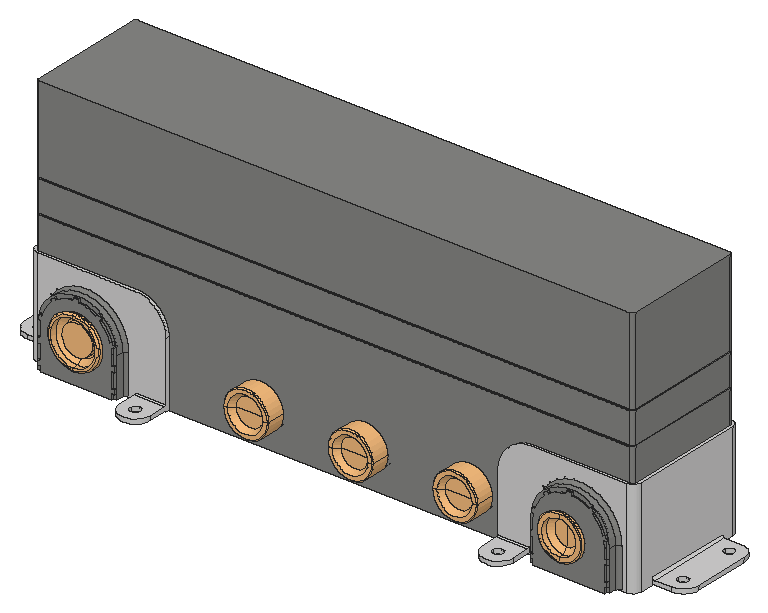
Revit family "Valve-Four_Outlet_Thermostatic-KOHLER-K-26342IN_1", category Plumbing Fixtures, host Face, Revit 2017 (continued)
Definition of nested family "K-26342IN"
  Lines and regions (in)
    symbolic lines, detail levels medium+fine
      curve 221: line (0, -1.85039, 0.74803) -> (0, -1.8897, 0.74803)
      curve 222: line (0, -1.85039, 0.62992) -> (0, -1.8897, 0.62992)
      curve 223: line (0, -1.85039, 0.25591) -> (0, -1.8897, 0.25591)
      curve 224: line (0, -1.85039, 0.1378) -> (0, -1.8897, 0.1378)
      curve 225: line (0, 1.92876, 1.64407) -> (0, 1.92876, 0.31459)
      curve 226: line (0, -1.8897, 0.33465) -> (0, -1.8897, 1.62388)
      curve 227: line (0, -1.94882, 0.33465) -> (0, -1.94882, 1.62388)
      curve 228: line (0, -1.79224, 0.01953) -> (0, -2.44056, 0.01953)
      curve 229: line (0, 2.44188, 0.01953) -> (0, 1.7961, 0.01953)
      curve 230: line (-7.23476, 0, 2.38189) -> (-7.23476, 0, 6.10236)
      curve 231: line (7.23528, 0, 2.38189) -> (7.23528, 0, 6.10236)
      curve 232: arc (-1.81655, 0, 1.02987) -> (-1.96647, 0, 0.87995) -> (-1.81655, 0, 0.73004) r 0.14992
      curve 233: arc (-1.81655, 0, 0.73004) -> (-1.66664, 0, 0.87995) -> (-1.81655, 0, 1.02987) r 0.14992
      curve 234: arc (0.7424, 0, 1.02987) -> (0.59248, 0, 0.87995) -> (0.7424, 0, 0.73004) r 0.14992
      curve 235: arc (0.7424, 0, 0.73004) -> (0.89232, 0, 0.87995) -> (0.7424, 0, 1.02987) r 0.14992
      curve 236: arc (3.3062, 0, 1.02987) -> (3.15628, 0, 0.87995) -> (3.3062, 0, 0.73004) r 0.14992
      curve 237: arc (3.3062, 0, 0.73004) -> (3.45611, 0, 0.87995) -> (3.3062, 0, 1.02987) r 0.14992
      curve 238: arc (-6.0332, 0, 1.13417) -> (-6.18312, 0, 0.98425) -> (-6.0332, 0, 0.83434) r 0.14992
      curve 239: arc (-6.0332, 0, 0.83434) -> (-5.88329, 0, 0.98425) -> (-6.0332, 0, 1.13417) r 0.14992
      curve 240: line (0, -1.51575, 2.38189) -> (0, 1.51575, 2.38189)
      curve 241: line (0, -0.04594, 5.70866) -> (0, -0.04594, 2.38189)
      curve 242: line (0, 1.51575, 5.70866) -> (0, -1.51575, 5.70866)
      curve 243: circle (5.84649, 0, 0.87995) r 0.13634 normal (0, -1, 0)
    reference lines
      curve 244: line (-1.81655, 1.5155, 0.87995) -> (-1.81655, 5.7655, 0.87995)
      curve 245: line (5.84649, 1.5155, 0.87995) -> (5.84649, 5.7655, 0.87995)
      curve 246: line (3.3062, 1.5155, 0.87995) -> (3.3062, 5.7655, 0.87995)
      curve 247: line (0.7424, 1.5155, 0.87995) -> (0.7424, 5.7655, 0.87995)
    symbolic lines, detail levels coarse
      curve 248: line (-1.08268, 0, 4.88116) -> (1.08268, 0, 3.70005)
      curve 249: line (1.08268, 0, 4.88116) -> (-1.08268, 0, 3.70005)
      curve 250: line (-1.08268, 0, 3.70005) -> (-1.08268, 0, 4.88116)
      curve 251: line (0, 0, 4.2906) -> (0, 0, 3.22489)
      curve 252: line (1.08268, 0, 4.88116) -> (1.08268, 0, 3.70005)
      curve 253: line (-1.09986, 0, 3.22489) -> (1.0655, 0, 3.22489)
      curve 254: arc (-1.09986, 0, 3.22489) -> (-0.01718, 0, 2.46031) -> (1.0655, 0, 3.22489) r 1.14885
  Dimensions and locks (in)
    plane 6 to plane 4 = 4.88113"
    plane 36 to level = 6.10236"  (x2)
    plane 4 to plane 6 = 4.88113"
    plane 63 to plane 64 = 15.76792"
    plane 5 to plane 7 = 3.0315"
    "Connector 1 Dis": plane 7 to plane 68 "B"
    "Connector 2 Dis": plane 7 to plane 69 "C"
    "Connector 4 Dis": plane 7 to plane 71 "E"
    "Connector 3 Dis": plane 7 to plane 70 "D"
    "Connector 4 Angle": angle plane 48 to curve 245
    "Connector 3 Angle": angle plane 49 to curve 246
    "Connector 2 Angle": angle plane 50 to curve 247
    "Connector 1 Angle": angle curve 244 to plane 47
    aligned and locked: plane 2 to level
    aligned and locked: plane 68 "B" to curve 244
    aligned and locked: plane 71 "E" to curve 245
    aligned and locked: plane 70 "D" to curve 246
    aligned and locked: plane 69 "C" to curve 247
    aligned and locked: curve 245 to Revolve 34 sketch curve
    aligned and locked: Revolve 34 sketch curve to Revolve 34 sketch curve
    aligned and locked: curve 246 to Revolve 35 sketch curve
    aligned and locked: Revolve 35 sketch curve to Revolve 35 sketch curve
    aligned and locked: curve 247 to Revolve 36 sketch curve
    aligned and locked: Revolve 36 sketch curve to Revolve 36 sketch curve
    aligned and locked: curve 244 to Revolve 37 sketch curve
    aligned and locked: Revolve 37 sketch curve to Revolve 37 sketch curve
  Automatic sketch dimensions
    curve 228 to plane 6 = 0"
    curve 191 to plane 39 = 0"
    curve 191 to plane 65 = 0"
    curve 195 to plane 9 = 0"
    curve 242 to plane 7 = 0"
    curve 240 to plane 7 = 0"
    plane 38 to curve 180 = 0"
    curve 180 to plane 36 = 0"
    curve 190 to plane 55 = 0"
    plane 67 to curve 201 = 0"
    curve 188 to plane 58 = 0"
    plane 37 to curve 241 = 0"
    curve 241 to plane 56 = 0"
    curve 186 to plane 57 = 0"
    curve 174 to plane 53 = 0"
    curve 173 to plane 36 = 0"
    curve 173 to plane 52 = 0"
    curve 242 to plane 5 = 0"
    curve 240 to plane 5 = 0"
    curve 179 to plane 8 = 0"
    curve 175 to plane 39 = 0"
    curve 175 to plane 61 = 0"
    curve 177 to level = 0"
    curve 193 to level = 0"
    level to curve 196 = 0.01969"
    curve 200 to plane 39 = 0.04131"
    curve 200 to plane 55 = 0.15925"
    curve 184 to curve 186 = 0.05906"
    level to curve 181 = 0.01969"
    curve 183 to curve 181 = 0.05729"
    curve 182 to plane 39 = 0.04045"
    level to curve 199 = 5/256"
    plane 39 to curve 224 = 0.01951"
    curve 217 to curve 226 = 0"
    curve 228 to curve 196 = 0"
    curve 180 to plane 54 = 0.00017"
    plane 39 to curve 189 = 0.00005"
    curve 189 to plane 59 = 0.02051"
    curve 181 to curve 229 = 0.00386"
    plane 4 to curve 229 = 0.00132"
    level to curve 228 = 5/256"
    level to curve 229 = 5/256"
    plane 39 to curve 213 = 0.01951"
    curve 223 to plane 67 = 0.03876"
    curve 212 to plane 67 = 0.03876"
    curve 212 to curve 225 = 0.05868"
    curve 223 to curve 227 = 0.07874"
    curve 227 to curve 226 = 0"  (x2)
    curve 222 to curve 221 = 0.11811"
    curve 211 to curve 210 = 0.11811"
    curve 209 to curve 208 = 0.0143"
    curve 220 to curve 219 = 0.0143"
    curve 219 to curve 218 = 0.11461"
    curve 208 to curve 207 = 0.11461"
    curve 218 to curve 226 = 0.35658"
    curve 226 to curve 217 = 0.01272"
    curve 207 to curve 206 = 0.36931"
    curve 206 to curve 225 = 0.00746"
    curve 225 to curve 205 = 0.03921"
    curve 217 to curve 216 = 0.04668"
    curve 216 to curve 215 = 0.07273"
    curve 205 to curve 204 = 0.07273"
    curve 204 to curve 203 = 0.10223"
    curve 215 to curve 214 = 0.10223"
    curve 214 to curve 192 = 0.05929"
    curve 203 to curve 176 = 0.05929"
    curve 176 to curve 178 = 0.03927"
    curve 192 to curve 194 = 0.03927"
    curve 178 to curve 177 = 0.1001"
    curve 194 to curve 193 = 0.1001"
    Extrusion 1 sketch curve to plane 12 = 0"
    plane 7 to Extrusion 1 sketch curve = 0"
    plane 52 to Extrusion 1 sketch curve = 0"
    Extrusion 1 sketch curve to plane 5 = 0"
    Extrusion 1 sketch curve to plane 54 = 0.00034"
    Extrusion 1 sketch curve to plane 54 = 0.00017"
    Extrusion 1 sketch curve to plane 46 = 0.01955"
    Extrusion 1 sketch curve to plane 52 = 0.00091"
    Extrusion 2 sketch curve to plane 11 = 0"
    Extrusion 2 sketch curve to plane 9 = 0"  (x2)
    Extrusion 2 sketch curve to plane 41 = 0"
    plane 8 to Extrusion 2 sketch curve = 0"  (x2)
    Extrusion 2 sketch curve to plane 46 = 0"
    Extrusion 2 sketch curve to plane 34 = 0"
    Extrusion 2 sketch curve to plane 53 = 0.00054"
    Extrusion 2 sketch curve to plane 18 = 0.67358"
    plane 24 to Extrusion 2 sketch curve = 0.02185"
    plane 46 to Extrusion 2 sketch curve = 0.00094"
    Extrusion 3 sketch curve to plane 38 = 0"  (x2)
    plane 18 to Extrusion 3 sketch curve = 0"
    Extrusion 3 sketch curve to plane 17 = 0.03718"
    Extrusion 3 sketch curve to plane 63 = 0.06898"
    Extrusion 3 sketch curve to level = 0.30561"
    Extrusion 3 sketch curve to plane 19 = 0.69257"
    plane 49 to Extrusion 3 sketch curve = 0.01689"
    Extrusion 3 sketch curve to plane 25 = 0.00005"
    Extrusion 3 sketch curve to plane 26 = 0.03879"
    Extrusion 3 sketch curve to plane 64 = 0.03215"
    Extrusion 3 sketch curve to level = 0.71748"
    Extrusion 4 sketch curve to Extrusion 4 sketch curve = 0"  (x8)
    Extrusion 4 sketch curve to plane 10 = 0"
    Extrusion 4 sketch curve to plane 59 = 0"  (x2)
    Extrusion 4 sketch curve to plane 63 = 0"  (x2)
    plane 57 to Extrusion 4 sketch curve = 0"  (x2)
    Extrusion 4 sketch curve to plane 58 = 0"  (x2)
    Extrusion 4 sketch curve to plane 11 = 0"
    plane 8 to Extrusion 4 sketch curve = 0"  (x2)
    Extrusion 4 sketch curve to plane 17 = 0"  (x2)
    plane 61 to Extrusion 4 sketch curve = 0"  (x2)
    Extrusion 4 sketch curve to plane 62 = 0"  (x2)
    Extrusion 4 sketch curve to plane 25 = 0"  (x2)
    Extrusion 4 sketch curve to plane 9 = 0"  (x2)
    Extrusion 4 sketch curve to plane 66 = 0"  (x2)
    Extrusion 4 sketch curve to plane 34 = 0"
    Extrusion 4 sketch curve to plane 64 = 0"  (x2)
    Extrusion 4 sketch curve to plane 33 = 0"
    Extrusion 4 sketch curve to plane 63 = 0.00076"
    Extrusion 4 sketch curve to plane 63 = 0.00082"
    Extrusion 4 sketch curve to plane 64 = 0.00082"
    Extrusion 4 sketch curve to plane 64 = 0.00076"
    plane 65 to Extrusion 4 sketch curve = 0.00132"  (x2)
    plane 60 to Extrusion 4 sketch curve = 0.00006"  (x2)
    Sweep 5 sketch curve to plane 13 = 0"
    plane 51 to Sweep 5 sketch curve = 0.00028"
    level to Sweep 5 sketch curve = 0.01969"  (x2)
    Sweep 5 sketch curve to profile plane = 0"  (x2)
    Sweep 5 sketch curve to plane 1 "Center (Front/Back)" = 1.85039"
    Sweep 5 sketch curve to Sweep 5 sketch curve = 0.15748"  (x2)
    Sweep 5 sketch curve to Sweep 5 sketch curve = 0.26176"
    Sweep 5 sketch curve to profile plane = 0.31023"  (x2)
    plane 1 "Center (Front/Back)" to Sweep 5 sketch curve = 1.58863"
    Sweep 5 sketch curve to Sweep 5 sketch curve = 0.10428"
    profile plane to Sweep 5 sketch curve = 0.07652"  (x2)
    plane 32 to Sweep 6 sketch curve = 0"
    Sweep 6 sketch curve to plane 48 = 0.187"
    Sweep 6 sketch curve to level = 0.01969"  (x2)
    Sweep 6 sketch curve to profile plane = 0"  (x2)
    Sweep 6 sketch curve to plane 1 "Center (Front/Back)" = 1.85039"
    Sweep 6 sketch curve to Sweep 6 sketch curve = 0.15748"  (x2)
    Sweep 6 sketch curve to Sweep 6 sketch curve = 0.10428"  (x2)
    profile plane to Sweep 6 sketch curve = 0.31023"  (x2)
    plane 1 "Center (Front/Back)" to Sweep 6 sketch curve = 1.58863"
    Sweep 6 sketch curve to profile plane = 0.10072"  (x2)
    Extrusion 7 sketch curve to Extrusion 7 sketch curve = 0"  (x88)
    plane 14 to Extrusion 7 sketch curve = 0"  (x2)
    Extrusion 7 sketch curve to level = 0"  (x2)
    Extrusion 7 sketch curve to plane 14 = 0.01535"
    Extrusion 7 sketch curve to plane 14 = 0.0439"
    plane 39 to Extrusion 7 sketch curve = 0.01951"  (x4)
    Extrusion 7 sketch curve to Extrusion 7 sketch curve = 0.05906"  (x6)
    Extrusion 7 sketch curve to Extrusion 7 sketch curve = 0.05737"  (x2)
    Extrusion 7 sketch curve to Extrusion 7 sketch curve = 0.05739"  (x2)
    Extrusion 7 sketch curve to plane 14 = 0.31395"
    Extrusion 7 sketch curve to Extrusion 7 sketch curve = 0.03647"  (x4)
    Extrusion 7 sketch curve to Extrusion 7 sketch curve = 0.09306"  (x2)
    Extrusion 7 sketch curve to Extrusion 7 sketch curve = 0.03648"  (x4)
    plane 51 to Extrusion 7 sketch curve = 0.05934"
    plane 51 to Extrusion 7 sketch curve = 0.00028"
    Extrusion 7 sketch curve to plane 51 = 0.05877"
    Extrusion 7 sketch curve to plane 16 = 0.44406"
    Extrusion 7 sketch curve to Extrusion 7 sketch curve = 0.09307"  (x2)
    Extrusion 7 sketch curve to plane 16 = 0.10187"
    Extrusion 7 sketch curve to plane 16 = 0.07329"
    Extrusion 7 sketch curve to plane 16 = 0.05963"  (x3)
    Extrusion 7 sketch curve to plane 16 = 0.04447"
    Extrusion 7 sketch curve to plane 16 = 0.01592"
    Extrusion 7 sketch curve to plane 16 = 0.00057"  (x2)
    Extrusion 7 sketch curve to plane 28 = 0.00036"  (x2)
    Extrusion 7 sketch curve to plane 28 = 0.01572"
    Extrusion 7 sketch curve to plane 28 = 0.04427"
    plane 29 to Extrusion 7 sketch curve = 0.1079"
    plane 48 to Extrusion 7 sketch curve = 0.12774"
    plane 48 to Extrusion 7 sketch curve = 0.18679"
    Extrusion 7 sketch curve to Extrusion 7 sketch curve = 0.11811"  (x5)
    Extrusion 7 sketch curve to plane 30 = 0.11797"
    Extrusion 7 sketch curve to plane 31 = 0.10151"
    Extrusion 7 sketch curve to plane 31 = 0.07293"
    Extrusion 7 sketch curve to plane 31 = 0.05926"  (x3)
    Extrusion 7 sketch curve to plane 31 = 0.04411"
    Extrusion 7 sketch curve to plane 31 = 0.01556"
    Extrusion 7 sketch curve to plane 31 = 0.00021"  (x2)
    Extrusion 7 sketch curve to plane 67 = 0.03876"  (x4)
    Extrusion 7 sketch curve to Extrusion 7 sketch curve = 0.0002"  (x2)
    Extrusion 7 sketch curve to Extrusion 7 sketch curve = 0.0143"  (x4)
    Extrusion 7 sketch curve to Extrusion 7 sketch curve = 0.01431"  (x4)
    Extrusion 7 sketch curve to Extrusion 7 sketch curve = 0.04668"  (x4)
    Extrusion 7 sketch curve to Extrusion 7 sketch curve = 0.04669"  (x4)
    Extrusion 7 sketch curve to Extrusion 7 sketch curve = 0.05929"  (x2)
    Revolve 8 sketch curve to Revolve 8 sketch curve = 0.12098"  (x4)
    Revolve 8 sketch curve to Revolve 8 sketch curve = 0.05692"  (x2)
    Revolve 8 sketch curve to Revolve 8 sketch curve = 0.03924"  (x3)
    Revolve 8 sketch curve to plane 1 "Center (Front/Back)" = 0.1745"
    Revolve 8 sketch curve to plane 59 = 0.0343"
    Revolve 9 sketch curve to Revolve 9 sketch curve = 0.11775"  (x4)
    Revolve 9 sketch curve to Revolve 9 sketch curve = 0.10695"  (x2)
    Revolve 9 sketch curve to Revolve 9 sketch curve = 0.02431"
    Revolve 9 sketch curve to plane 56 = 0.3266"
    Revolve 9 sketch curve to plane 1 "Center (Front/Back)" = 0.12747"
    Revolve 10 sketch curve to plane 23 = 0"
    plane 23 to Revolve 10 sketch curve = 0.01967"  (x2)
    Revolve 10 sketch curve to Revolve 10 sketch curve = 0.09843"  (x2)
    Revolve 10 sketch curve to Revolve 10 sketch curve = 0.09154"  (x2)
    plane 49 to Revolve 10 sketch curve = 0.00898"  (x2)
    Revolve 10 sketch curve to plane 56 = 0.17257"
    Revolve 10 sketch curve to plane 1 "Center (Front/Back)" = 0.15748"
    Revolve 11 sketch curve to plane 50 = 0.00349"  (x2)
    plane 21 to Revolve 11 sketch curve = 0.21045"  (x2)
    plane 21 to Revolve 11 sketch curve = 0.11891"  (x2)
    plane 21 to Revolve 11 sketch curve = 0.02049"  (x2)
    plane 21 to Revolve 11 sketch curve = 0.0008"
    Revolve 11 sketch curve to plane 1 "Center (Front/Back)" = 0.12937"
    Revolve 11 sketch curve to plane 56 = 0.20068"
    plane 19 to Revolve 12 sketch curve = 0.00022"
    plane 19 to Revolve 12 sketch curve = 0.0199"  (x2)
    Revolve 12 sketch curve to Revolve 12 sketch curve = 0.09843"  (x2)
    Revolve 12 sketch curve to Revolve 12 sketch curve = 0.09154"  (x2)
    plane 47 to Revolve 12 sketch curve = 0.00447"  (x2)
    Revolve 12 sketch curve to plane 56 = 0.17257"
    Revolve 12 sketch curve to plane 1 "Center (Front/Back)" = 0.15748"
    Sweep 13 sketch curve to plane 12 = 0"
    plane 7 to Sweep 13 sketch curve = 0"
    Sweep 13 sketch curve to plane 5 = 0"
    plane 52 to Sweep 13 sketch curve = 0"
    Sweep 13 sketch curve to plane 54 = 0.00034"
    Sweep 13 sketch curve to plane 46 = 0.01955"
    Sweep 13 sketch curve to plane 46 = 0.02029"
    Sweep 13 sketch curve to plane 35 = 0.00005"
    profile plane to Sweep 13 sketch curve = 0.03333"
    profile plane to Sweep 13 sketch curve = 0.03033"
    Sweep 13 sketch curve to profile plane = 0.01969"  (x2)
    level to Sweep 13 sketch curve = 3.16929"
    Sweep 13 sketch curve to Sweep 13 sketch curve = 0.03937"  (x2)
    Sweep 13 sketch curve to Sweep 13 sketch curve = 0.74803"
    plane 51 to Extrusion 14 sketch curve = 0"
    plane 48 to Extrusion 15 sketch curve = 0.00898"
    plane 51 to Extrusion 16 sketch curve = 0"
    plane 48 to Extrusion 17 sketch curve = 0.00898"
    Masking region 1 sketch curve to plane 41 = 0"  (x2)
    Masking region 1 sketch curve to plane 9 = 0"
    Masking region 1 sketch curve to plane 46 = 0"  (x2)
    Masking region 1 sketch curve to plane 34 = 0"
    Masking region 2 sketch curve to level = 0"
    Masking region 2 sketch curve to plane 10 = 0"
    Masking region 2 sketch curve to plane 11 = 0"
    Masking region 2 sketch curve to plane 36 = 0"
    plane 34 to Masking region 2 sketch curve = 0"
    plane 33 to Masking region 2 sketch curve = 0"
    Masking region 2 sketch curve to plane 38 = 0"  (x2)
    plane 67 to Masking region 2 sketch curve = 0.0025"
    Masking region 2 sketch curve to Masking region 2 sketch curve = 0.09654"
    Masking region 2 sketch curve to plane 35 = 0.00014"
    plane 67 to Masking region 2 sketch curve = 0.00104"
    Masking region 2 sketch curve to plane 34 = 0.09784"
    Masking region 3 sketch curve to plane 6 = 0"
    Masking region 3 sketch curve to plane 9 = 0"
    Masking region 3 sketch curve to plane 7 = 0"
    Masking region 3 sketch curve to level = 0"
    Masking region 3 sketch curve to plane 8 = 0"
    Masking region 3 sketch curve to plane 36 = 0"
    plane 1 "Center (Front/Back)" to Masking region 3 sketch curve = 0.00047"
    plane 4 to Masking region 3 sketch curve = 0.00134"
    Masking region 3 sketch curve to plane 39 = 0.00002"  (x2)
    Masking region 3 sketch curve to plane 67 = 0.0978"
    Masking region 3 sketch curve to plane 67 = 0.1175"
    Masking region 3 sketch curve to Masking region 3 sketch curve = 0.05906"
    Masking region 3 sketch curve to Masking region 3 sketch curve = 0.03937"  (x2)
    Masking region 3 sketch curve to Masking region 3 sketch curve = 0.03924"  (x2)
    Masking region 3 sketch curve to Masking region 3 sketch curve = 0.05943"
    Masking region 3 sketch curve to Masking region 3 sketch curve = 0.29551"
    Masking region 3 sketch curve to Masking region 3 sketch curve = 0.27532"
    Masking region 3 sketch curve to Masking region 3 sketch curve = 0.03946"  (x2)
    Extrusion 18 sketch curve to plane 39 = 0.0075"
    Extrusion 18 sketch curve to plane 11 = 0.09145"
    plane 11 to Extrusion 18 sketch curve = 0.00742"
    plane 67 to Extrusion 18 sketch curve = 0.01438"
    plane 39 to Extrusion 19 sketch curve = 0.0075"
    plane 34 to Extrusion 19 sketch curve = 0.09145"
    Extrusion 19 sketch curve to plane 34 = 0.00742"
    Extrusion 19 sketch curve to plane 67 = 0.01438"
    plane 8 to Extrusion 20 sketch curve = 0.01095"
    Extrusion 20 sketch curve to plane 39 = 0.00731"
    plane 67 to Extrusion 20 sketch curve = 0.02684"
    plane 8 to Extrusion 21 sketch curve = 0.01095"
    Extrusion 21 sketch curve to plane 39 = 0.00731"
    plane 67 to Extrusion 21 sketch curve = 0.02684"
    Extrusion 22 sketch curve to plane 9 = 0.01095"
    plane 39 to Extrusion 22 sketch curve = 0.00731"
    Extrusion 22 sketch curve to plane 67 = 0.02684"
    plane 9 to Extrusion 23 sketch curve = 0.01095"
    Extrusion 23 sketch curve to plane 39 = 0.00731"
    plane 67 to Extrusion 23 sketch curve = 0.02684"
    Extrusion 25 sketch curve to level = 0"
    plane 11 to Extrusion 25 sketch curve = 0.03593"
    plane 35 to Extrusion 25 sketch curve = 0.0312"
    plane 36 to Extrusion 25 sketch curve = 1/8"
    Extrusion 26 sketch curve to level = 0"
    plane 18 to Extrusion 26 sketch curve = 0"
    Extrusion 26 sketch curve to plane 11 = 1/8"
    Extrusion 26 sketch curve to plane 38 = 1/16"
    Extrusion 27 sketch curve to level = 0"
    Extrusion 27 sketch curve to plane 25 = 0"
    plane 34 to Extrusion 27 sketch curve = 1/8"
    plane 38 to Extrusion 27 sketch curve = 1/16"
    Extrusion 28 sketch curve to level = 0"
    plane 40 to Extrusion 28 sketch curve = 0.01978"
    plane 51 to Extrusion 28 sketch curve = 0.00028"
    Extrusion 29 sketch curve to level = 0"
    plane 45 to Extrusion 29 sketch curve = 0.02186"
    Extrusion 29 sketch curve to plane 48 = 0.187"
    plane 51 to Extrusion 30 sketch curve = 0"
    plane 47 to Extrusion 31 sketch curve = 0.00312"
    Extrusion 31 sketch curve to plane 50 = 0.00215"
    plane 49 to Extrusion 31 sketch curve = 0.00763"
    plane 48 to Extrusion 32 sketch curve = 0.00898"
    Extrusion 33 sketch curve to plane 58 = 0"  (x2)
    Extrusion 33 sketch curve to plane 11 = 0"  (x2)
    plane 8 to Extrusion 33 sketch curve = 0"  (x2)
    Extrusion 33 sketch curve to plane 17 = 0"  (x2)
    plane 61 to Extrusion 33 sketch curve = 0"  (x2)
    Extrusion 33 sketch curve to plane 62 = 0"
    Extrusion 33 sketch curve to plane 25 = 0"
    Extrusion 33 sketch curve to plane 66 = 0"  (x2)
    Extrusion 33 sketch curve to plane 34 = 0"  (x2)
    Extrusion 33 sketch curve to plane 9 = 0"  (x2)
    plane 65 to Extrusion 33 sketch curve = 0.00132"  (x2)
    curve 1 to plane 11 = 0"
    curve 2 to plane 12 = 0"
    plane 7 to curve 14 = 0"
    plane 52 to curve 3 = 0"
    curve 13 to plane 54 = 0"
    plane 8 to curve 4 = 0"
    curve 18 to plane 9 = 0"
    curve 18 to plane 17 = 0"
    plane 8 to curve 12 = 0"
    curve 12 to plane 17 = 0"
    curve 5 to plane 18 = 4.06379"
    curve 12 to plane 18 = 0"
    curve 14 to plane 18 = 11.30027"
    curve 18 to plane 18 = 0"
    curve 16 to plane 9 = 0"
    plane 8 to curve 9 = 0"
    curve 6 to plane 5 = 0"
    curve 16 to plane 26 = 0"
    curve 9 to plane 26 = 0"
    plane 8 to curve 10 = 0"
    curve 17 to plane 9 = 0"
    curve 11 to plane 34 = 0"
    curve 11 to plane 58 = 0"
    curve 1 to plane 58 = 0"
    plane 57 to curve 11 = 0"
    plane 57 to curve 1 = 0"
    curve 6 to plane 46 = 0.02029"
    curve 8 to plane 35 = 0.00005"
    plane 40 to curve 4 = 0.04169"
    curve 4 to plane 42 = 0.00057"
    curve 16 to plane 25 = 0.00005"
    curve 9 to plane 25 = 0.00005"
    curve 10 to plane 44 = 0.03616"
    curve 17 to plane 44 = 0.03616"
    curve 10 to plane 45 = 0.03664"
    curve 17 to plane 45 = 0.03664"
    curve 245 to Revolve 34 sketch curve = 0.00004"
    Revolve 34 sketch curve to Revolve 34 sketch curve = 0.33485"
    curve 245 to Revolve 34 sketch curve = 1/4"
    Revolve 34 sketch curve to Revolve 34 sketch curve = 0.06049"
    Revolve 34 sketch curve to Revolve 34 sketch curve = 0.09843"
    Revolve 35 sketch curve to Revolve 35 sketch curve = 0.42376"
    Revolve 35 sketch curve to Revolve 35 sketch curve = 0.026"
    Revolve 35 sketch curve to Revolve 35 sketch curve = 0.07232"
    curve 246 to Revolve 35 sketch curve = 0.00113"
    curve 246 to Revolve 35 sketch curve = 1/4"
    curve 247 to Revolve 36 sketch curve = 0.0011"
    Revolve 36 sketch curve to Revolve 36 sketch curve = 0.42379"
    curve 247 to Revolve 36 sketch curve = 1/4"
    Revolve 36 sketch curve to Revolve 36 sketch curve = 0.05131"
    Revolve 36 sketch curve to Revolve 36 sketch curve = 0.02811"
    curve 244 to Revolve 37 sketch curve = 0.00116"
    Revolve 37 sketch curve to Revolve 37 sketch curve = 0.42374"
    Revolve 37 sketch curve to Revolve 37 sketch curve = 1/4"
    Revolve 37 sketch curve to Revolve 37 sketch curve = 0.05131"
    Revolve 37 sketch curve to Revolve 37 sketch curve = 0.05188"
    Revolve 37 sketch curve to curve 244 = 0"
    plane 51 to Extrusion 24 sketch curve = 0"
    curve 225 to curve 211 = 0.31533"
    curve 226 to curve 222 = 0.29528"
    plane 72 to curve 179 = 0.1043"
    plane 72 to curve 195 = 0.1043"
    curve 179 to curve 209 = 0.15414"
    curve 195 to curve 220 = 0.15414"
    plane 72 to Sweep 5 sketch curve = 0.10449"
    Sweep 6 sketch curve to plane 72 = 0.10449"
    Extrusion 7 sketch curve to plane 72 = 0.25003"  (x4)
    plane 72 to Extrusion 7 sketch curve = 0.1043"  (x2)
    plane 72 to Revolve 8 sketch curve = 0.1043"  (x2)
    Revolve 8 sketch curve to Revolve 8 sketch curve = 0.4225"  (x2)
    plane 72 to Revolve 9 sketch curve = 0.00587"  (x2)
    Revolve 9 sketch curve to Revolve 9 sketch curve = 0.30218"  (x2)
    plane 72 to Extrusion 14 sketch curve = 0.1043"
    plane 72 to Extrusion 15 sketch curve = 0.00587"
    plane 72 to Extrusion 16 sketch curve = 0.1043"
    plane 72 to Extrusion 17 sketch curve = 0.00587"
    plane 72 to Masking region 3 sketch curve = 0.70469"  (x2)
    plane 72 to Extrusion 24 sketch curve = 0.1043"
    plane 72 to Extrusion 28 sketch curve = 0.10867"
    Extrusion 29 sketch curve to plane 72 = 0.10867"
    plane 72 to Extrusion 30 sketch curve = 0.1043"
    plane 72 to Extrusion 31 sketch curve = 0.00579"  (x3)
    plane 72 to Extrusion 32 sketch curve = 0.00587"
    curve 29 to curve 42 = 0"  (x2)
    curve 29 to curve 46 = 0"
    curve 29 to curve 50 = 0"
    curve 29 to curve 54 = 0"
    curve 29 to curve 58 = 0"
    curve 40 to curve 44 = 0"  (x2)
    curve 40 to curve 48 = 0"  (x2)
    curve 40 to curve 52 = 0"  (x2)
    curve 40 to curve 56 = 0"  (x2)
    curve 40 to curve 60 = 0"
    curve 42 to curve 46 = 0"
    curve 42 to curve 50 = 0"
    curve 42 to curve 54 = 0"
    curve 42 to curve 58 = 0"
    curve 52 to curve 60 = 0"
    curve 73 to curve 75 = 0"
    curve 73 to curve 76 = 0"  (x2)
    curve 73 to curve 238 = 0"
    curve 74 to curve 239 = 0"
    curve 75 to curve 239 = 0"
    curve 79 to curve 81 = 0"  (x2)
    curve 79 to curve 83 = 0"
    curve 80 to curve 81 = 0"
    curve 85 to curve 87 = 0"  (x2)
    curve 85 to curve 89 = 0"
    curve 87 to curve 89 = 0"
    curve 91 to curve 93 = 0"  (x2)
    curve 92 to curve 96 = 0"  (x2)
    curve 117 to curve 121 = 0"  (x2)
    curve 120 to curve 123 = 0"  (x2)
    curve 121 to curve 133 = 0"  (x2)
    curve 121 to curve 137 = 0"
    curve 123 to curve 135 = 0"  (x2)
    curve 125 to curve 133 = 0"  (x2)
    curve 125 to curve 137 = 0"
    curve 127 to curve 135 = 0"  (x2)
    curve 129 to curve 133 = 0"  (x2)
    curve 131 to curve 135 = 0"  (x2)
    curve 148 to curve 150 = 0"
    curve 149 to curve 151 = 0"
    curve 149 to curve 152 = 0"  (x2)
    curve 150 to curve 151 = 0"
    curve 151 to curve 152 = 0"
    curve 167 to plane 10 = 0"
    plane 12 to curve 22 = 0"
    plane 12 to curve 19 = 0"
    curve 230 to plane 36 = 0"
    curve 230 to plane 38 = 0"
    curve 20 to plane 41 = 0"
    plane 40 to curve 71 = 0"
    curve 30 to plane 13 = 0"
    plane 14 to curve 37 = 0"
    plane 14 to curve 32 = 0"
    curve 39 to plane 73 = 0"
    curve 31 to level = 0"
    plane 51 to curve 74 = 0"
    curve 69 to level = 0"
    curve 72 to plane 42 = 0"
    plane 43 to curve 163 = 0"
    curve 26 to plane 17 = 0"
    curve 161 to plane 17 = 0"
    plane 18 to curve 24 = 0"
    plane 47 to curve 232 = 0"
    curve 234 to plane 50 = 0"
    plane 49 to curve 236 = 0"
    curve 98 to plane 39 = 0"
    curve 101 to level = 0"
    plane 26 to curve 98 = 0"
    plane 26 to curve 156 = 0"
    curve 102 to plane 38 = 0"
    plane 44 to curve 104 = 0"
    curve 144 to level = 0"
    curve 137 to plane 73 = 0"
    curve 243 to plane 48 = 0"
    curve 108 to level = 0"
    curve 116 to plane 73 = 0"
    plane 32 to curve 107 = 0"
    curve 153 to plane 45 = 0"
    plane 46 to curve 155 = 0"
    curve 231 to plane 36 = 0"
    curve 19 to plane 37 = 0"
    curve 25 to plane 39 = 0"
    curve 243 to plane 72 = 0"
    curve 233 to plane 72 = 0"
    curve 237 to plane 72 = 0"
    curve 235 to plane 72 = 0"
    curve 239 to plane 73 = 0"
    curve 41 to plane 14 = 0.01535"
    curve 43 to plane 14 = 0.0439"
    curve 36 to curve 35 = 0.05906"
    curve 37 to curve 38 = 0.05906"
    plane 39 to curve 31 = 0.01951"
    curve 32 to curve 31 = 0.05906"
    curve 42 to curve 41 = 0.05737"
    curve 42 to curve 43 = 0.05739"
    curve 45 to plane 14 = 0.31395"
    curve 46 to curve 45 = 0.03647"
    curve 45 to curve 47 = 0.09306"
    curve 46 to curve 47 = 0.03648"
    plane 51 to curve 49 = 0.05934"
    plane 51 to curve 40 = 0.00028"
    curve 46 to curve 60 = 0"
    curve 51 to plane 51 = 0.05877"
    curve 53 to plane 16 = 0.44406"
    curve 53 to curve 53 = 0.03648"
    curve 52 to curve 55 = 0.09307"
    curve 55 to curve 55 = 0.03647"
    curve 57 to plane 16 = 0.10187"
    curve 59 to plane 16 = 0.07329"
    plane 39 to curve 69 = 0.01951"
    curve 69 to plane 16 = 0.05963"
    curve 65 to plane 16 = 0.05963"
    curve 62 to plane 16 = 0.05963"
    curve 57 to plane 16 = 0.04447"
    curve 59 to plane 16 = 0.01592"
    curve 63 to plane 16 = 0.00057"
    curve 66 to plane 16 = 0.00057"
    plane 42 to curve 164 = 0.00668"
    curve 22 to plane 17 = 0.03718"
    plane 47 to curve 84 = 0.00447"
    curve 88 to plane 50 = 0.00349"
    plane 49 to curve 94 = 0.00898"
    curve 101 to plane 25 = 0.00005"
    curve 102 to plane 26 = 0.03879"
    plane 67 to curve 159 = 0.00067"
    curve 157 to curve 159 = 0.05903"
    level to curve 97 = 0.01969"
    curve 97 to plane 44 = 0.02813"
    curve 105 to plane 73 = 0.0002"
    plane 27 to curve 105 = 0.00057"
    curve 139 to plane 28 = 0.00036"
    curve 145 to plane 28 = 0.00036"
    curve 136 to plane 28 = 0.01572"
    curve 134 to plane 28 = 0.04428"
    curve 140 to curve 141 = 0.05906"
    plane 39 to curve 144 = 0.01951"
    curve 142 to curve 144 = 0.05906"
    curve 138 to plane 28 = 0.05942"
    curve 136 to curve 136 = 0.05737"
    curve 134 to curve 134 = 0.05739"
    plane 29 to curve 132 = 0.1079"
    curve 132 to curve 132 = 0.03647"
    curve 131 to curve 130 = 0.09317"
    curve 130 to curve 130 = 0.03648"
    plane 48 to curve 147 = 0.00898"
    plane 48 to curve 128 = 0.12774"
    curve 137 to curve 106 = 0.00021"
    curve 123 to curve 137 = 0"
    curve 127 to curve 126 = 0.11827"
    curve 124 to plane 30 = 0.11797"
    curve 125 to curve 124 = 0.03648"
    curve 125 to curve 122 = 0.09317"
    curve 121 to curve 122 = 0.03647"
    curve 119 to plane 31 = 0.10151"
    curve 118 to plane 31 = 0.07292"
    plane 39 to curve 108 = 0.01951"
    curve 108 to plane 31 = 0.05926"
    curve 112 to plane 31 = 0.0591"
    curve 115 to plane 31 = 0.0591"
    curve 119 to plane 31 = 0.04411"
    curve 118 to plane 31 = 0.01556"
    curve 110 to plane 31 = 0.00021"
    curve 114 to plane 31 = 0.00005"
    level to curve 27 = 5/256"
    level to curve 100 = 5/256"
    level to curve 164 = 0.01969"
    plane 67 to curve 163 = 0.00051"
    curve 35 to plane 67 = 0.03876"
    curve 65 to plane 67 = 0.03876"
    curve 142 to plane 67 = 0.03876"
    curve 110 to plane 67 = 0.03876"
    curve 63 to plane 72 = 0.25003"
    curve 114 to plane 72 = 0.25003"
    curve 143 to plane 72 = 0.25003"
    curve 37 to plane 72 = 0.25003"
    curve 35 to curve 39 = 0.11811"
    curve 112 to curve 115 = 0.11811"
    curve 63 to curve 63 = 0.11811"
    curve 141 to curve 138 = 0.11811"
    plane 72 to curve 96 = 0.00579"
    plane 72 to curve 90 = 0.00579"
    plane 72 to curve 84 = 0.00579"
    plane 72 to curve 151 = 0.00587"
    curve 50 to plane 73 = 0.0002"
    curve 137 to curve 127 = 0.0002"
    curve 72 to plane 73 = 0.00318"
    curve 106 to curve 154 = 0.00407"
    curve 118 to plane 73 = 0.1541"
    curve 117 to curve 118 = 0.0143"
    curve 41 to curve 41 = 0.0143"
    curve 137 to curve 136 = 0.0143"
    curve 59 to curve 59 = 0.0143"
    curve 57 to curve 57 = 0.01431"
    curve 43 to curve 42 = 0.01431"
    curve 119 to curve 119 = 0.01431"
    curve 134 to curve 134 = 0.01431"
    curve 121 to curve 122 = 0.04668"
    curve 45 to curve 45 = 0.04668"
    curve 55 to curve 55 = 0.04668"
    curve 133 to curve 132 = 0.04668"
    curve 53 to curve 53 = 0.04669"
    curve 124 to curve 124 = 0.04669"
    curve 47 to curve 46 = 0.04669"
    curve 130 to curve 130 = 0.04669"
    curve 125 to curve 126 = 0.05929"
    curve 51 to curve 51 = 0.05929"
    curve 21 to plane 63 = 0.00008"
    curve 230 to plane 41 = 0.01976"
    curve 167 to curve 31 = 0"
    plane 19 to curve 84 = 0.00022"
    curve 79 to curve 83 = 0.01968"
    curve 80 to curve 81 = 0.09843"
    plane 21 to curve 85 = 0.0008"
    curve 85 to curve 89 = 0.01968"
    curve 86 to curve 88 = 0.09843"
    curve 91 to plane 23 = 0"
    plane 23 to curve 92 = 0.01967"
    curve 95 to curve 93 = 0.09843"
    curve 231 to plane 46 = 0.02029"
    curve 19 to plane 35 = 0.00005"
    curve 103 to plane 35 = 0.00005"
    plane 33 to curve 166 = 0.00336"
    level to curve 153 = 0.01969"
    level to curve 71 = 0.01969"
    level to curve 30 = 0.01969"
    curve 168 to plane 39 = 0.03955"
    curve 169 to plane 39 = 0.03955"
    curve 170 to plane 39 = 0.03955"
    curve 171 to plane 39 = 0.03955"
    curve 21 to plane 39 = 0.00018"
    plane 67 to curve 156 = 0.00061"
    curve 161 to curve 26 = 0.00011"
    curve 151 to plane 67 = 0.1175"
    curve 74 to plane 67 = 0.12747"
    curve 146 to curve 147 = 0.02431"
    curve 73 to curve 78 = 0.03924"
    curve 75 to curve 76 = 0.05692"
    curve 147 to curve 148 = 0.10695"
    curve 235 to plane 72 = 0.14992"
    curve 232 to plane 72 = 0.14992"
    curve 237 to curve 236 = 0.14992"
    curve 239 to plane 72 = 0.04562"
    plane 8 to Masking region 1 sketch curve = 0"
    Masking region 1 sketch curve to plane 11 = 0"
    curve 15 to plane 54 = 0.00066"
    curve 15 to plane 46 = 0.02029"
    Extrusion 3 sketch curve to plane 38 = 1"
    Extrusion 3 sketch curve to Extrusion 3 sketch curve = 1"
    plane 37 to curve 250 = 0.82751"
    plane 33 to curve 250 = 9.34057"
    curve 249 to curve 250 = 1.1811"
    plane 37 to curve 249 = 0.82751"
    curve 248 to curve 249 = 2.16535"
    curve 248 to plane 38 = 1.31816"
    curve 248 to curve 251 = 1.08268"
    curve 251 to plane 38 = 0.843"
    curve 253 to curve 249 = 0.01718"
    curve 253 to curve 248 = 0.01718"
    curve 251 to curve 254 = 0.38428"
    Extrusion 33 sketch curve to Extrusion 33 sketch curve = 0"  (x8)
    Extrusion 33 sketch curve to plane 62 = 0.12509"
    Extrusion 33 sketch curve to plane 63 = 0"  (x2)
    plane 60 to Extrusion 33 sketch curve = 0.00006"  (x2)
    Extrusion 33 sketch curve to Extrusion 33 sketch curve = 0.12529"  (x2)
    Extrusion 33 sketch curve to plane 59 = 0"  (x2)
    Extrusion 33 sketch curve to plane 62 = 0.12354"
    Extrusion 33 sketch curve to Extrusion 33 sketch curve = 0.12354"
    Extrusion 33 sketch curve to Extrusion 33 sketch curve = 0.12509"
    Extrusion 33 sketch curve to plane 64 = 0"  (x2)
    Extrusion 33 sketch curve to plane 64 = 0.12529"  (x2)
    plane 57 to Extrusion 33 sketch curve = 0"  (x2)
    Extrusion 33 sketch curve to plane 33 = 0"
    Extrusion 33 sketch curve to plane 10 = 0"
    curve 192 to plane 39 = 0.04045"
    plane 65 to curve 192 = 0.21747"
    curve 227 to curve 217 = 0.09843"
    curve 216 to curve 216 = 0.03931"
    curve 218 to curve 218 = 0.03931"
    curve 215 to curve 215 = 0.03931"
    curve 214 to curve 214 = 0.03931"
    curve 224 to curve 224 = 0.03931"
    curve 223 to curve 223 = 0.03931"
    curve 194 to plane 9 = 0.09843"
    Revolve 8 sketch curve to plane 9 = 0.13493"
    plane 65 to Revolve 8 sketch curve = 0.11891"
    Revolve 9 sketch curve to plane 9 = 0.13493"
    plane 65 to Revolve 9 sketch curve = 0.11904"
    Revolve 9 sketch curve to Revolve 9 sketch curve = 0.01969"  (x2)
    plane 65 to Revolve 10 sketch curve = 0.23009"
    plane 65 to Revolve 10 sketch curve = 0.12747"
    plane 65 to Revolve 10 sketch curve = 0.09936"
    plane 65 to Revolve 11 sketch curve = 0.23009"
    plane 65 to Revolve 11 sketch curve = 0.12747"
    plane 65 to Revolve 11 sketch curve = 0.09936"
    plane 65 to Revolve 12 sketch curve = 0.23009"
    plane 65 to Revolve 12 sketch curve = 0.12747"
    plane 65 to Revolve 12 sketch curve = 0.09936"
    plane 65 to Masking region 3 sketch curve = 0.07967"
    Masking region 3 sketch curve to Masking region 3 sketch curve = 0.05925"
    Masking region 3 sketch curve to Masking region 3 sketch curve = 0.05912"
    Masking region 3 sketch curve to Masking region 3 sketch curve = 0.03931"
    Masking region 3 sketch curve to Masking region 3 sketch curve = 0.09784"
    plane 9 to Extrusion 22 sketch curve = 0.05998"
    Extrusion 23 sketch curve to plane 9 = 0.05998"
    curve 182 to plane 8 = 0.19775"
    curve 178 to plane 8 = 0.09843"
    plane 61 to curve 179 = 0.1391"
    curve 213 to curve 213 = 0.07874"
    curve 204 to curve 204 = 0.07874"
    curve 203 to curve 203 = 0.07874"
    curve 225 to curve 212 = 0.00037"
    curve 225 to curve 205 = 0.00037"
    Revolve 8 sketch curve to plane 8 = 0.13493"
    plane 61 to Revolve 8 sketch curve = 0.11891"
    Revolve 9 sketch curve to plane 8 = 0.13493"
    plane 61 to Revolve 9 sketch curve = 0.11904"
    plane 61 to Revolve 10 sketch curve = 0.23009"
    plane 61 to Revolve 10 sketch curve = 0.12747"
    Revolve 10 sketch curve to Revolve 10 sketch curve = 0.02811"
    plane 61 to Revolve 11 sketch curve = 0.23008"
    plane 61 to Revolve 11 sketch curve = 0.12747"
    Revolve 11 sketch curve to Revolve 11 sketch curve = 0.02811"
    plane 61 to Revolve 12 sketch curve = 0.23009"
    plane 61 to Revolve 12 sketch curve = 0.12747"
    Revolve 12 sketch curve to Revolve 12 sketch curve = 0.02811"
    Masking region 3 sketch curve to plane 8 = 0.09784"
    Masking region 3 sketch curve to Masking region 3 sketch curve = 0.15807"
    plane 61 to Masking region 3 sketch curve = 0.1391"
    plane 61 to Masking region 3 sketch curve = 0.13874"
    plane 61 to Masking region 3 sketch curve = 0.07967"
    Extrusion 20 sketch curve to plane 8 = 0.05998"
    Extrusion 21 sketch curve to plane 8 = 0.05998"
    plane 12 to Masking region 2 sketch curve = 0"
    Masking region 3 sketch curve to plane 5 = 0"
    plane 38 to Masking region 3 sketch curve = 0"  (x2)
    curve 244 to plane 47 = 0"
    curve 247 to plane 50 = 0"
    curve 246 to plane 49 = 0"
    curve 245 to plane 48 = 0"
    radius of Extrusion 4 sketch curve = 0.12529"  (x4)
    radius of Extrusion 4 sketch curve = 0.12354"  (x2)
    radius of Extrusion 4 sketch curve = 0.12509"  (x2)
    radius of Extrusion 14 sketch curve = 0.60039"
    radius of Extrusion 15 sketch curve = 0.44719"
    radius of Extrusion 16 sketch curve = 0.60039"
    radius of Extrusion 17 sketch curve = 1/2"
    radius of Extrusion 30 sketch curve = 0.69038"
    radius of Extrusion 31 sketch curve = 0.58377"  (x3)
    radius of Extrusion 32 sketch curve = 0.56629"
    radius of Extrusion 24 sketch curve = 3/8"
    radius of curve 152 = 0.35767"
    radius of curve 243 = 0.13634"
